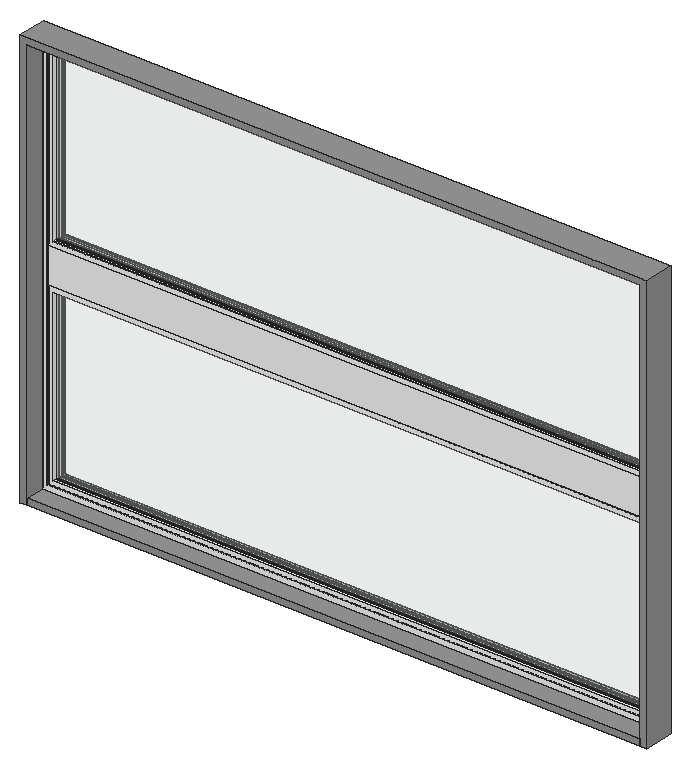
Revit family "WBW_F_1vak Hor_2vak Ver", category Windows, host Wall, Revit 2013
Parameters
  Versterking Buitenzijde = no
  Versterking Binnenzijde = yes
  VerborgenVleugelVerzwaard = no
  URL = "http://www.kawneer.com/bcs/architectuursystemen/en/about/locations.asp"
  Type Comments = "Vrij te parameteriseren Revit Model"  # constant formula
  Spouwdiepte = 130 mm
  Speling Pui_buitenblad MW Onderzijde = 10 mm
  Speling Pui_ buitenblad MW = 10 mm
  ScheduleType |RF| = "WBC_W_F"
  RT 72 = no
  RT 62 = yes
  RT 52 = no
  Operation = "IfcWindow"
  OffsetVkKozijnVkStelkozijn = 13 mm
  Nen 5096 R.c. 2 = no
  NL-SfB-Code = "31.21.22"  # constant formula
  Model = "NLSfb naam  + AlcoaArchitectuurSystemen kozijn merk"
  Manufacturer Tel. = "+31341-464631 / harold.kok@arconic.com"  # constant formula
  Manufacturer = ""
  Kleur H&S = NVT
  Kleur Buitenzijde Vleugel = Kawneer RAL 9010
  Kleur Buitenzijde = Kawneer RAL 9010
  Kleur Binnenzijde Vleugel = Kawneer RAL 9010
  Kleur Binnenzijde = Kawneer RAL 9010
  Keynote = "30.34"
  Hoogte Tussen regel 5 = 0 mm
  Hoogte Tussen regel 4 = 0 mm
  Hoogte Tussen regel 3 = 0 mm
  Hoogte Tussen regel 2 = 0 mm
  Hoogte Tussen regel 1 = 900 mm
  Height = 1800 mm
  HalveSpouw_OffsetVkKozijn_Stelkozijn = HalveSpouw + OffsetVkKozijnVkStelkozijn  # 78 mm
  HalveSpouw = Spouwdiepte / 2  # 65 mm
  GlassType = Glass, Clear Glazing, Low E
  Glasdikte (totaal) = 29 mm  # constant formula
  DikteStelkozijn_SpelingPui_BuitenbladMW = Dikte Stelkozijn - Speling Pui_ buitenblad MW  # 17 mm
  DikteStelkozijnOnderzijde_SpelingPui_BuitenbladMWOnderzijde = Dikte Stelkozijn onderzijde - Speling Pui_buitenblad MW Onderzijde  # 17 mm
  Dikte Stelkozijn onderzijde = 27 mm
  Dikte Stelkozijn = 27 mm
  Diepte Versterking Buitenzijde_30_50_85 = 30 mm
  Diepte Versterking Binnenzijde_30_55_75 = 75 mm
  Description 2 = if(RT 52, "' Standaard systeemomschrijving RT 52 standaard vlak", if(RT 62, "Standaard systeemomschrijving RT 62 standaard vlak", "Standaard systeemomschrijving RT 72 standaard vlak"))  # "Standaard systeemomschrijving RT 62 standaard vlak"
  Description = if(RT 52, "Kawneer RT 52 raamelement volgens productomschrijving:", if(RT 62, "Kawneer RT 62 raamelement volgens productomschrijving:", "Kawneer RT 72 raamelement volgens productomschrijving:"))  # "Kawneer RT 62 raamelement volgens productomschrijving:"
  Default Sill Height = 450 mm
  Wall Closure = By host
  Width = 2700 mm
  Cost = 0
  BreedteMaat_5 = 0 mm
  BreedteMaat_4 = 0 mm
  BreedteMaat_3 = 0 mm
  BreedteMaat_2 = Width * (2 / 3)  # 1800 mm
  BreedteMaat_1 = Width * (1 / 3)  # 900 mm
  Brandwerendheid_old = no
  Brandwerendheid = no
  Brandwerend volgens: = if(and(RT 52, Brandwerendheid), "Niet mogelijk binnen dit systeem_kiest u RT 62 of RT 72", if(and(RT 62, Brandwerendheid), "Nen 6069 criteria Ew30 mits uitgevoerd conform rapport 2010-Efectis-R0226[Rev.4] Brandbeoordeling EW 30", if(and(RT 72, Brandwerendheid), "Nen 6069 criteria Ew30 mits uitgevoerd concorm rapport g2013005803r001DGMR RT72 brandbeoordeling EW30", "-")))  # "-"
  Beslag Resume 05 = if(Nen 5096 R.c. 2, "Inbraakwerend volgens attest ALCOA SKG.0055.0292.07.NL (klasse 2)", "Niet inbraakwerend")  # "Niet inbraakwerend"
  Beslag Resume 04 = "Vaste beglazing"  # constant formula
  Assembly Code = "B2020110"
  Analytic Construction = "<None>"
  Aanzichtbreedte Tussen Stijlen _68_78_88_110_150_200mm = 78
  Aanzichtbreedte Tussen Regels _68_78_88_110_150_200mm = 200
  Aanzichtbreedte Kozijn Profielen_68_78_88_110_150mm = 68
  AanzichtLijnDraai = no
  Aanzicht Tussen Stijl 88mm = (Aanzichtbreedte Tussen Stijlen _68_78_88_110_150_200mm = 88)  # no
  Aanzicht Tussen Stijl 78mm = (Aanzichtbreedte Tussen Stijlen _68_78_88_110_150_200mm = 78)  # yes
  Aanzicht Tussen Stijl 68mm = (Aanzichtbreedte Tussen Stijlen _68_78_88_110_150_200mm = 68)  # no
  Aanzicht Tussen Stijl 200mm = (Aanzichtbreedte Tussen Stijlen _68_78_88_110_150_200mm = 200)  # no
  Aanzicht Tussen Stijl 150mm = (Aanzichtbreedte Tussen Stijlen _68_78_88_110_150_200mm = 150)  # no
  Aanzicht Tussen Stijl 110mm = (Aanzichtbreedte Tussen Stijlen _68_78_88_110_150_200mm = 110)  # no
  Aanzicht Tussen Stijl = ""
  Aanzicht Tussen Regel 88mm = (Aanzichtbreedte Tussen Regels _68_78_88_110_150_200mm = 88)  # no
  Aanzicht Tussen Regel 78mm = (Aanzichtbreedte Tussen Regels _68_78_88_110_150_200mm = 78)  # no
  Aanzicht Tussen Regel 68mm = (Aanzichtbreedte Tussen Regels _68_78_88_110_150_200mm = 68)  # no
  Aanzicht Tussen Regel 200mm = (Aanzichtbreedte Tussen Regels _68_78_88_110_150_200mm = 200)  # yes
  Aanzicht Tussen Regel 150mm = (Aanzichtbreedte Tussen Regels _68_78_88_110_150_200mm = 150)  # no
  Aanzicht Tussen Regel 110mm = (Aanzichtbreedte Tussen Regels _68_78_88_110_150_200mm = 110)  # no
  Aanzicht Tussen Regel = ""
  Aanzicht Kader 88mm = (Aanzichtbreedte Kozijn Profielen_68_78_88_110_150mm = 88)  # no
  Aanzicht Kader 78mm = (Aanzichtbreedte Kozijn Profielen_68_78_88_110_150mm = 78)  # no
  Aanzicht Kader 68mm = (Aanzichtbreedte Kozijn Profielen_68_78_88_110_150mm = 68)  # yes
  Aanzicht Kader 110mm = (Aanzichtbreedte Kozijn Profielen_68_78_88_110_150mm = 110)  # no
  Aanzicht Kader = ""
Reference planes
  plane 1 "Center (Front/Back)": y = 0
  plane 2 "Center (Left/Right)": x = 0
  plane 3 "Left": x = -1350
  plane 4 "Right": x = 1350
  plane 5 "Sill": z = 450
  plane 6 "Head": z = 2250
  plane 7 "Exterior": y = 100
  plane 8 "Interior": y = -100
  plane 9 "Dagkant Buitenblad metselwerk Links": x = -1360
  plane 10 "Dagkant Buitenblad metselwerk Rechts": x = 1360
  plane 11 "Dagkant Stelkozijn_Binnenblad metselwewrk Links": x = -1333
  plane 12 "Dagkant Stelkozijn_Binnenblad metselwewrk Rechts": x = 1333
  plane 13 "VK Pui": y = 78
  plane 14 "AK Buitenblad MW": y = 90
  plane 15 "VK Stelkozijn": y = 65
  plane 16 "AK Pui": y = -40
  plane 17 "VK Binnenblad MW": y = -65
  plane 18: z = 2260
  plane 19: z = 2233
  plane 20: z = 467
  plane 21: z = 440
Forms (mm)
  Sweep 1, void
    path origin (0, 100, 0) x (1, 0, 0) y (0, 0, 1)
      loop
        line (1350, 2250) -> (-1350, 2250) -> (-1350, 450) -> (1350, 450) -> (1350, 2250)
    profile origin (0, 100, 2250) x (0, 0, -1) y (0, -1, 0)
      loop
        line (-10, 0) -> (17, 0) -> (17, 165) -> (-10, 165) -> (-10, 0)
  Extrusion 2, void
    sketch origin (0, 100, 0) x (1, 0, 0) y (0, 0, 1)
      loop
        line (1333, 2233) -> (-1333, 2233) -> (-1333, 467) -> (1333, 467) -> (1333, 2233)
    from 0 to 200
  Sweep 3, solid, material "Wood"
    path origin (0, 0, 0) x (1, 0, 0) y (0, 0, 1)
      loop
        line (1349.822, 440) -> (1349.822, 2250) -> (-1350, 2250) -> (-1350, 440)
    profile origin (-0.089, 0, 2250) x (0, 0, -1) y (0, -1, 0)
      loop
        line (-10, -65) -> (17, -65) -> (17, 65) -> (-10, 65) -> (-10, -65)
  Sweep 4, solid, material "Wood"
    path origin (0, 0, 0) x (1, 0, 0) y (0, 0, 1)
      loop
        line (1332.822, 450) -> (-1333, 450)
    profile origin (-0.089, 0, 450) x (0, 0, -1) y (0, -1, 0)
      loop
        line (-17, -65) -> (10, -65) -> (10, 65) -> (-17, 65) -> (-17, -65)
Text (mm)
  text "EXTERIOR" at (-1963.203, 1332.353, 0), in view "Ref. Level"
  text "INTERIOR" at (-1981.466, -818.386, 0), in view "Ref. Level"
  text "Exterior" at (0, 923.751, 2943.296), in view "Right"
  text "Exterior" at (0, 1040.484, 2685.409), in view "Left"
Dimensions and locks
  equal spacing: plane 3 "Left", plane 2 "Center (Left/Right)", plane 4 "Right"
  "Width": plane 3 "Left" to plane 4 "Right"
  "Height": plane 5 "Sill" to plane 6 "Head"
  "Default Sill Height": plane 5 "Sill" to level
  locked: plane 7 "Exterior" to host wall at 0
  locked: plane 8 "Interior" to host wall
  "Speling Pui_ buitenblad MW": plane 9 "Dagkant Buitenblad metselwerk Links" to plane 3 "Left"
  "Speling Pui_ buitenblad MW": plane 4 "Right" to plane 10 "Dagkant Buitenblad metselwerk Rechts"
  "DikteStelkozijn_SpelingPui_BuitenbladMW": plane 3 "Left" to plane 11 "Dagkant Stelkozijn_Binnenblad metselwewrk Links"
  "DikteStelkozijn_SpelingPui_BuitenbladMW": plane 12 "Dagkant Stelkozijn_Binnenblad metselwewrk Rechts" to plane 4 "Right"
  "Speling Pui_ buitenblad MW": plane 6 "Head" to plane 18
  "Speling Pui_buitenblad MW Onderzijde": plane 5 "Sill" to plane 21
  "DikteStelkozijn_SpelingPui_BuitenbladMW": plane 19 to plane 6 "Head"
  "DikteStelkozijnOnderzijde_SpelingPui_BuitenbladMWOnderzijde": plane 5 "Sill" to plane 20
  "HalveSpouw": plane 15 "VK Stelkozijn" to plane 1 "Center (Front/Back)"
  "HalveSpouw": plane 1 "Center (Front/Back)" to plane 17 "VK Binnenblad MW"
  "HalveSpouw_OffsetVkKozijn_Stelkozijn": plane 13 "VK Pui" to plane 1 "Center (Front/Back)"
  aligned and locked: Sweep 1 sketch curve to plane 6 "Head"
  aligned and locked: Sweep 1 sketch curve to plane 4 "Right"
  aligned and locked: plane 5 "Sill" to Sweep 1 sketch curve
  aligned and locked: plane 3 "Left" to Sweep 1 sketch curve
  aligned and locked: Sweep 1 sketch curve to plane 18
  aligned and locked: plane 19 to Sweep 1 sketch curve
  aligned and locked: plane 17 "VK Binnenblad MW" to Sweep 1 sketch curve
  aligned and locked: Extrusion 2 sketch curve to Sweep 1  (x4)
  aligned and locked: host wall to Extrusion 2
  aligned and locked: Sweep 3 sketch curve to plane 6 "Head"
  aligned and locked: Sweep 3 sketch curve to plane 18
  aligned and locked: Sweep 3 sketch curve to plane 15 "VK Stelkozijn"
  aligned and locked: plane 19 to Sweep 3 sketch curve
  aligned and locked: plane 17 "VK Binnenblad MW" to Sweep 3 sketch curve
  aligned and locked: plane 21 to Sweep 3 sketch curve
  aligned and locked: plane 3 "Left" to Sweep 3 sketch curve
  aligned and locked: Sweep 4 sketch curve to plane 20
  aligned and locked: Sweep 4 sketch curve to plane 15 "VK Stelkozijn"
  aligned and locked: Sweep 4 sketch curve to Sweep 3  (x2)
  aligned and locked: nested 1 to plane 13 "VK Pui"
  aligned and locked: plane 6 "Head" to nested 1
  aligned and locked: plane 4 "Right" to nested 1
Automatic sketch dimensions
  Sweep 1 sketch curve to plane 7 "Exterior" = 0 mm
  Sweep 3 sketch curve to plane 21 = 0 mm
  plane 4 "Right" to Sweep 3 sketch curve = 0.178 mm
  Sweep 4 sketch curve to plane 5 "Sill" = 0 mm
  plane 11 "Dagkant Stelkozijn_Binnenblad metselwewrk Links" to Sweep 4 sketch curve = 0 mm
  plane 12 "Dagkant Stelkozijn_Binnenblad metselwewrk Rechts" to Sweep 4 sketch curve = 0.178 mm
Nested families
  nested 1: "GMW_F_1vak Hor_2vak Ver" at (-1350, 78, 1350), type "GMW_F_1vak Hor_2vak Ver"
    with HLPM 2145 mm
Definition of nested family "GMW_F_1vak Hor_2vak Ver"
  Parameters (values of type "GMW_F_1vak Hor_2vak Ver")
    Width = 2700 mm
    Versterking Buitenzijde = no
    Versterking Binnenzijde = yes
    VerborgenWaterAfvoer = no
    SysteemDiepteVleugel = SysteemDiepte + 7.8 mm  # 70 mm
    SysteemDiepte = if(RT 52, 52.2 mm, if(RT 62, 62.2 mm, 72.2 mm))  # 62.2 mm
    SweepOffset = (BodyHeight + 44 mm) / 2  # 34 mm
    ScharnierenAan_Uit = yes
    RT 72 = no
    RT 62 = yes
    RT 52 = no
    P3vleugel = SysteemDiepteVleugel - 32 mm  # 38 mm
    P3 = SysteemDiepte - 20.7 mm  # 41.5 mm
    Kleur H&S = NVT
    Kleur Buitenzijde Vleugel = Kawneer RAL 9010
    Kleur Buitenzijde = Kawneer RAL 9010
    Kleur Binnenzijde Vleugel = Kawneer RAL 9010
    Kleur Binnenzijde = Kawneer RAL 9010
    IsoPositionerVent = if(Aanzicht Vleugel 35mm, 42.7 mm, if(Aanzicht Vleugel 45mm, 52.7 mm, 73.7 mm))  # 52.7 mm
    IsoPositionerTProfile = if(Aanzicht Kader 68mm, 41 mm, if(Aanzicht Kader 78mm, 51 mm, if(Aanzicht Kader 88mm, 61 mm, 83 mm)))  # 41 mm
    Hoogte tussen regel = 0 mm
    Hoogte Tussen regel 5 = 0 mm
    Hoogte Tussen regel 4 = 0 mm
    Hoogte Tussen regel 3 = 0 mm
    Hoogte Tussen regel 2 = 0 mm
    Hoogte Tussen regel 1 = 900 mm
    Height = 1800 mm
    Handgreep SI_line = no
    Handgreep A_line = no
    HLPM [instance] = 2145 mm
    Glassponning 2 = BodyHeight / 2  # 12 mm
    Glassponning 1 = BodyHeight / 2  # 12 mm
    GlassType = Glass, Clear Glazing, Low E
    Glasdikte (totaal) = 29 mm
    Diepte Versterking Buitenzijde_30_50_85 = 30 mm
    Diepte Versterking Binnenzijde_30_55_75 = 75 mm
    BreedteMaat_5 = 0 mm
    BreedteMaat_4 = 0 mm
    BreedteMaat_3 = 0 mm
    BreedteMaat_2 = 1800 mm
    BreedteMaat_1 = 900 mm
    BodyHeightVent = if(Aanzicht Vleugel 35mm, 15.7 mm, if(Aanzicht Vleugel 45mm, 25.7 mm, 46.7 mm))  # 25.7 mm
    BodyHeight = if(Aanzicht Kader 68mm, 24 mm, if(Aanzicht Kader 78mm, 34 mm, if(Aanzicht Kader 88mm, 44 mm, 66 mm)))  # 24 mm
    Beslag Nen 5096 R.c. 3 = no
    Beslag Nen 5096 R.c. 2 = no
    AanzichtlLijnVal = no
    AanzichtLijnDraai = no
    Aanzicht Vleugel 66mm = no
    Aanzicht Vleugel 45mm = yes
    Aanzicht Vleugel 35mm = no
    Aanzicht Vleugel = ""
    Aanzicht Tussen Stijl 88mm = no
    Aanzicht Tussen Stijl 78mm = yes
    Aanzicht Tussen Stijl 68mm = no
    Aanzicht Tussen Stijl 200mm = no
    Aanzicht Tussen Stijl 150mm = no
    Aanzicht Tussen Stijl 110mm = no
    Aanzicht Tussen Stijl = ""
    Aanzicht Tussen Regel 88mm = no
    Aanzicht Tussen Regel 78mm = no
    Aanzicht Tussen Regel 68mm = no
    Aanzicht Tussen Regel 200mm = yes
    Aanzicht Tussen Regel 150mm = no
    Aanzicht Tussen Regel 110mm = no
    Aanzicht Tussen Regel = ""
    Aanzicht Kader 88mm = no
    Aanzicht Kader 78mm = no
    Aanzicht Kader 68mm = yes
    Aanzicht Kader 110mm = no
    Aanzicht Kader = ""
  Reference planes
    plane 1 "Center (Front/Back)": y = 0
    plane 2: z = 0
    plane 3 "Center (Left/Right)": x = 0
    plane 4 "LP Top": z = 900
    plane 5 "LP Left": x = 0
    plane 6 "LP Right": x = 2700
    plane 7: y = 7.6
    plane 8: y = 36.6
    plane 9: y = 62.2
    plane 10: z = -900
    plane 11 "LP Bottom": z = -900
    plane 12: z = 0
    plane 13: x = 740
  Dimensions and locks
    plane 1 "Center (Front/Back)" to plane 7 = 7.6 mm
    plane 7 to plane 8 = 29 mm
    "SysteemDiepte": plane 1 "Center (Front/Back)" to plane 9
    "Height": plane 4 "LP Top" to plane 11 "LP Bottom"
    "Width": plane 5 "LP Left" to plane 6 "LP Right"
    "Hoogte Tussen regel 1": plane 12 to plane 11 "LP Bottom"
    aligned and locked: level to plane 2
    aligned and locked: plane 4 "LP Top" to nested 1
    aligned and locked: plane 11 "LP Bottom" to nested 1
    aligned and locked: plane 5 "LP Left" to nested 1
    aligned and locked: plane 6 "LP Right" to nested 1
    aligned and locked: nested 1 to nested 2  (x2)
    aligned and locked: nested 1 to nested 3  (x3)
    aligned and locked: nested 3 to nested 2
    aligned and locked: plane 1 "Center (Front/Back)" to nested 4
    aligned and locked: nested 2 to nested 4
    aligned and locked: nested 1 to nested 4  (x3)
    aligned and locked: plane 11 "LP Bottom" to plane 10
    aligned and locked: plane 5 "LP Left" to plane 3 "Center (Left/Right)"
    aligned and locked: nested 2 to plane 12
  Nested families
    nested 1: "KADER" at (1350, 0, -900), type "KADER"
      with HLPM 1800 mm, BLMP 2700 mm, SysteemDiepte 62.2 mm, RT 72 no, RT 62 yes, P3 41.5 mm
    nested 2: "RT 72H T profiel REINF" at (1046, 0, 0), type "T"
      with FPL 2608 mm
    nested 3: "Glasvast" at (1350, 0, -476.63), type "Glasvast"
      with Grip#2 2608 mm, Grip#1 776 mm
    nested 4: "Glasvast" at (1350, 0, 455.37), type "Glasvast"
      with Grip#2 2608 mm, Grip#1 776 mm
  Definition of nested family "KADER"
    Parameters (values of type "KADER")
      VerborgenWaterAfvoer = yes
      SysteemDiepte = 72.2 mm
      SweepOffset = 34 mm
      RT 72 = yes
      RT 62 = no
      RT 52 = no
      P3 = 51.5 mm
      Kleur Buitenzijde = none
      Kleur Binnenzijde = none
      IsoPositionerTProfile = 41 mm
      HLPM [instance] = 1800 mm
      Glassponning 2 = 12 mm
      Glassponning 1 = 12 mm
      BodyHeight = 24 mm
      BLMP [instance] = 1200 mm
      Aanzicht Kader 88mm = no
      Aanzicht Kader 78mm = no
      Aanzicht Kader 68mm = yes
      Aanzicht Kader 110mm = no
    Reference planes
      plane 1 "Center (Front/Back)": y = 0
      plane 2: z = 0
      plane 3 "Center (Left/Right)": x = 0
      plane 4 "LP Top": z = 1800
      plane 5: z = 1778
      plane 6: z = 1754
      plane 7: z = 22
      plane 8: z = 46
      plane 9: x = -566
      plane 10: x = -578
      plane 11 "LP Left": x = -600
      plane 12: x = 554
      plane 13: x = 578
      plane 14 "LP Right": x = 600
      plane 15: x = -554
      plane 16: z = 34
      plane 17: z = 1766
      plane 18: x = 566
      plane 19: z = 0
      plane 20 "BinnenzijdeKozijn": y = 72.2
    Forms (mm)
      Sweep 1, solid, material <- "Kleur Buitenzijde"
        path origin (0, 0, 0) x (1, 0, 0) y (0, 0, 1)
          loop
            line (566, 34) -> (566, 1766) -> (-566, 1766) -> (-566, 34) -> (566, 34)
        profile "T VWA buitenschaal : RT NL" origin (0, 0, 34) x (0, 0, -1) y (0, -1, 0)
          loop
            line (34, 0) -> (-34, 0) -> (-34, -4) -> (-31.5, -4) -> (-31.5, -3) -> (-32.8, -3) -> (-32.8, -1.4) -> (-27.2, -1.4) -> (-27.2, -3) -> (-28.5, -3) -> (-28.5, -4) -> (-24.5, -4) -> (-24.5, -3.2) -> (-26, -3.2) -> (-26, -1.6) -> (-23, -1.6) -> (-7, -1.806) -> (-7, -16.3) -> (-10.5, -16.3) -> (-10.5, -14.7) -> (-11.5, -14.7) -> (-11.5, -19.2) -> (-10.5, -19.2) -> (-10.5, -17.8) -> (-7, -17.8) -> (-7, -21.9) -> (-5.1, -20.7) -> (5.1, -20.7) -> (7, -21.9) -> (7, -17.8) -> (10.5, -17.8) -> (10.5, -19.2) -> (11.5, -19.2) -> (11.5, -14.7) -> (10.5, -14.7) -> (10.5, -16.3) -> (7, -16.3) -> (7, -10.2) -> (28.563, -10.2) -> (28.563, -9.2) -> (27.263, -9.2) -> (27.263, -7.6) -> (32.863, -7.6) -> (32.863, -9.2) -> (31.563, -9.2) -> (31.563, -10.2) -> (34, -10.2) -> (34, 0)
      Sweep 2, solid
        path origin (0, 0, 0) x (1, 0, 0) y (0, 0, 1)
          loop
            line (566, 34) -> (566, 1766) -> (-566, 1766) -> (-566, 34) -> (566, 34)
        profile "T-profiel Iso : RT NL" origin (0, 0, 34) x (0, 0, -1) y (0, -1, 0)
          loop
            line (4.886, -50.521) -> (6.95, -49.33) -> (6.95, -27.2) -> (11.45, -27.2) -> (11.45, -24.6) -> (10.45, -24.6) -> (10.45, -26) -> (6.95, -26) -> (6.95, -22.836) -> (4.886, -21.644) -> (4.886, -20.7) -> (-4.886, -20.7) -> (-4.886, -21.644) -> (-6.95, -22.836) -> (-6.95, -26) -> (-10.45, -26) -> (-10.45, -24.6) -> (-11.45, -24.6) -> (-11.45, -27.2) -> (-6.95, -27.2) -> (-6.95, -49.33) -> (-4.886, -50.521) -> (-4.886, -51.5) -> (4.886, -51.5) -> (4.886, -50.521)
      Sweep 3, solid, material <- "Kleur Binnenzijde"
        path origin (0, 0, 0) x (1, 0, 0) y (0, 0, 1)
          loop
            line (566, 34) -> (566, 1766) -> (-566, 1766) -> (-566, 34) -> (566, 34)
        profile "T binnenschaal : RT NL" origin (0, 0, 34) x (0, 0, -1) y (0, -1, 0)
          loop
            line (12.003, -72.2) -> (12.003, -68) -> (10.503, -68) -> (10.503, -70.4) -> (7, -70.4) -> (7, -55.7) -> (10.503, -55.7) -> (10.503, -57.78) -> (11.803, -57.78) -> (11.803, -52.4) -> (10.503, -52.4) -> (10.503, -54) -> (7, -54) -> (7, -50.3) -> (5.1, -51.5) -> (-5.1, -51.5) -> (-7.062, -50.279) -> (-7.062, -54) -> (-10.497, -54) -> (-10.497, -52.4) -> (-11.797, -52.4) -> (-11.797, -57.8) -> (-10.497, -57.8) -> (-10.497, -55.7) -> (-7, -55.7) -> (-7, -70.4) -> (-10.497, -70.4) -> (-10.497, -68) -> (-11.997, -68) -> (-11.997, -72.2) -> (12.003, -72.2)
      Sweep 4, solid
        path origin (0, 0, 0) x (1, 0, 0) y (0, 0, 1)
          loop
            line (-600, 0) -> (600, 0) -> (600, 1800) -> (-600, 1800) -> (-600, 0)
        profile origin (-600, 0, 900) x (-1, 0, 0) y (0, -1, 0)
          loop
            line (-0.372, -10.397) -> (-2.491, -10.397) -> (-2.491, -9.06) -> (-1.662, -9.06) -> (-1.662, -7.996) -> (-6.3, -7.996) -> (-6.3, -9.06) -> (-5.389, -9.06) -> (-5.389, -10.397) -> (-8.271, -10.397) -> (-8.271, -12.283) -> (-6.728, -13.197) -> (-0.922, -13.197) -> (0.092, -12.184) -> (0.092, -11.075) -> (-0.372, -10.397)
    Lines and regions (mm)
      model lines
        curve 1: line (532, 0, 68) -> (600.092, 0, -0.092)
        curve 2: line (-532, 0, 68) -> (-600.092, 0, -0.092)
        curve 3: line (-600.092, 0, 1800.092) -> (-532, 0, 1732)
        curve 4: line (600, 0, 1800) -> (532, 0, 1732)
        curve 5: line (554.003, 72.2, 45.997) -> (578.003, 72.2, 21.997)
        curve 6: line (-554.003, 72.2, 45.997) -> (-578.003, 72.2, 21.997)
        curve 7: line (-554.003, 72.2, 1754.003) -> (-578.003, 72.2, 1778.003)
        curve 8: line (554.003, 72.2, 1754.003) -> (578.003, 72.2, 1778.003)
    Dimensions and locks
      equal spacing: plane 11 "LP Left", plane 3 "Center (Left/Right)", plane 14 "LP Right"
      "BLMP": plane 11 "LP Left" to plane 14 "LP Right"
      "SweepOffset": plane 4 "LP Top" to plane 17
      "SweepOffset": plane 16 to level
      "SweepOffset": plane 18 to plane 14 "LP Right"
      "SweepOffset": plane 11 "LP Left" to plane 9
      "Glassponning 1": plane 9 to plane 10
      "Glassponning 2": plane 15 to plane 9
      "Glassponning 1": plane 16 to plane 7
      "Glassponning 2": plane 8 to plane 16
      "Glassponning 2": plane 18 to plane 12
      "Glassponning 1": plane 13 to plane 18
      "Glassponning 1": plane 5 to plane 17
      "Glassponning 2": plane 17 to plane 6
      "HLPM": plane 4 "LP Top" to plane 19
      "SysteemDiepte": plane 1 "Center (Front/Back)" to plane 20 "BinnenzijdeKozijn"
      aligned and locked: level to plane 2
      aligned and locked: nested 2 to plane 1 "Center (Front/Back)"
      aligned and locked: plane 1 "Center (Front/Back)" to nested 1
      aligned and locked: nested 1 to plane 11 "LP Left"
      aligned and locked: nested 3 to plane 1 "Center (Front/Back)"
      aligned and locked: nested 3 to level
      aligned and locked: plane 1 "Center (Front/Back)" to nested 4
      aligned and locked: nested 4 to plane 4 "LP Top"
      aligned and locked: level to plane 19
      aligned and locked: curve 5 to Sweep 3
      aligned and locked: Sweep 3 to curve 5
      aligned and locked: Sweep 3 to curve 8
      aligned and locked: nested 2 to plane 14 "LP Right"
    Automatic sketch dimensions
      Sweep 1 sketch curve to plane 9 = 0 mm
      Sweep 1 sketch curve to plane 16 = 0 mm
      Sweep 1 sketch curve to plane 18 = 0 mm
      Sweep 1 sketch curve to plane 17 = 0 mm
      Sweep 2 sketch curve to plane 9 = 0 mm
      Sweep 2 sketch curve to plane 16 = 0 mm
      Sweep 2 sketch curve to plane 18 = 0 mm
      Sweep 2 sketch curve to plane 17 = 0 mm
      Sweep 3 sketch curve to plane 9 = 0 mm
      Sweep 3 sketch curve to plane 17 = 0 mm
      Sweep 3 sketch curve to plane 18 = 0 mm
      Sweep 3 sketch curve to plane 16 = 0 mm
      Sweep 4 sketch curve to plane 4 "LP Top" = 0 mm
      plane 14 "LP Right" to Sweep 4 sketch curve = 0 mm
      plane 11 "LP Left" to Sweep 4 sketch curve = 0 mm
      Sweep 4 sketch curve to level = 0 mm
      profile plane to Sweep 4 sketch curve = 8.271 mm
      Sweep 4 sketch curve to plane 1 "Center (Front/Back)" = 13.197 mm
      Sweep 4 sketch curve to Sweep 4 sketch curve = 1.543 mm
      Sweep 4 sketch curve to Sweep 4 sketch curve = 1.971 mm
      Sweep 4 sketch curve to Sweep 4 sketch curve = 0.91 mm
      profile plane to Sweep 4 sketch curve = 2.491 mm
      Sweep 4 sketch curve to Sweep 4 sketch curve = 0.829 mm
      profile plane to Sweep 4 sketch curve = 0.922 mm
      Sweep 4 sketch curve to profile plane = 0.092 mm
      profile plane to Sweep 4 sketch curve = 0.372 mm
      Sweep 4 sketch curve to Sweep 4 sketch curve = 0.914 mm
      Sweep 4 sketch curve to Sweep 4 sketch curve = 1.013 mm
      Sweep 4 sketch curve to Sweep 4 sketch curve = 1.886 mm
      Sweep 4 sketch curve to Sweep 4 sketch curve = 0 mm
      Sweep 4 sketch curve to Sweep 4 sketch curve = 1.338 mm  (x2)
      Sweep 4 sketch curve to Sweep 4 sketch curve = 1.063 mm
      Sweep 4 sketch curve to Sweep 4 sketch curve = 0.677 mm
      curve 4 to plane 4 "LP Top" = 0 mm
      curve 4 to plane 14 "LP Right" = 0 mm
      plane 12 to curve 1 = 22 mm
      plane 12 to curve 4 = 22 mm
      curve 3 to plane 15 = 22 mm
      curve 2 to plane 15 = 22 mm
      plane 11 "LP Left" to curve 2 = 0.092 mm
      plane 11 "LP Left" to curve 3 = 0.092 mm
      curve 1 to plane 14 "LP Right" = 0.092 mm
      curve 4 to plane 6 = 22 mm
      curve 3 to plane 6 = 22 mm
      plane 8 to curve 1 = 22 mm
      plane 8 to curve 2 = 22 mm
      curve 2 to level = 0.092 mm
      curve 1 to level = 0.092 mm
      plane 4 "LP Top" to curve 3 = 0.092 mm
      plane 5 to curve 8 = 0.003 mm
      plane 5 to curve 7 = 0.003 mm
      plane 6 to curve 8 = 0.003 mm
      plane 6 to curve 7 = 0.003 mm
      curve 6 to plane 8 = 0.003 mm
      curve 5 to plane 8 = 0.003 mm
      curve 6 to plane 7 = 0.003 mm
      curve 5 to plane 7 = 0.003 mm
      curve 8 to plane 12 = 0.003 mm
      plane 15 to curve 7 = 0.003 mm
      plane 15 to curve 6 = 0.003 mm
      curve 7 to plane 10 = 0.003 mm
      curve 6 to plane 10 = 0.003 mm
    Nested families
      nested 1: "T VWA" at (-600, 0, 0), type "T VWA"
        with IsoPositionerTProfile 41 mm, Aanzicht 68mm yes, Aanzicht 110mm no
      nested 2: "T VWA" at (600, 0, 0) x (-1, 0, 0) z (0, 0, 1), type "T VWA"
        with IsoPositionerTProfile 41 mm, Aanzicht 68mm yes, Aanzicht 110mm no
      nested 3: "T VWA" at (0, 0, 0) x (0, 0, 1) z (1, 0, 0), type "T VWA"
        with IsoPositionerTProfile 41 mm, Aanzicht 68mm yes, Aanzicht 110mm no
      nested 4: "T VWA" at (0, 0, 1800) x (0, 0, -1) z (1, 0, 0), type "T VWA"
        with IsoPositionerTProfile 41 mm, Aanzicht 68mm yes, Aanzicht 110mm no
    Definition of nested family "T VWA"
      Parameters (values of type "test T")
        SysteemDiepte = 72.2 mm
        RT 72 = yes
        RT 62 = no
        RT 52 = no
        IsoPositionerTProfile = if(Aanzicht 68mm, 41 mm, if(Aanzicht 78mm, 51 mm, if(Aanzicht 88mm, 61 mm, 83 mm)))  # 83 mm
        Aanzicht 88mm = no
        Aanzicht 78mm = no
        Aanzicht 68mm = no
        Aanzicht 110mm = yes
      Reference planes
        plane 1 "Center (Front/Back)": y = 0
        plane 2: z = 0
        plane 3 "Center (Left/Right)": x = 0
        plane 4: x = 33.893
        plane 5: x = 83
        plane 6: y = 28.95
        plane 7: y = 41.565
        plane 8: y = 72.2
      Lines and regions (mm)
        model lines, style "Medium Lines", in view "Ref. Level", detail levels medium
          curve 1: line (0, 0, 0) -> (115.4, 0, 0)
          curve 2: line (27.05, 49.442, 0) -> (27.05, 22.903, 0)
      Dimensions and locks
        "SysteemDiepte": plane 8 to plane 1 "Center (Front/Back)"
        "IsoPositionerTProfile": plane 3 "Center (Left/Right)" to plane 5
        aligned and locked: import instance to plane 8  (x2)
        aligned and locked: plane 8 to import instance  (x2)
        aligned and locked: plane 5 to import instance  (x2)
        aligned and locked: import instance to plane 5
        aligned and locked: curve 2 to import instance
        aligned and locked: import instance to import instance  (x3)
      Automatic sketch dimensions
        curve 1 to plane 3 "Center (Left/Right)" = 0 mm
        plane 1 "Center (Front/Back)" to curve 1 = 0 mm
        plane 5 to curve 1 = 32.4 mm
        curve 2 to plane 6 = 6.047 mm
        plane 7 to curve 2 = 7.878 mm
  Definition of nested family "RT 72H T profiel REINF"
    Parameters (values of type "T")
      voidref1 = (BodyHeight + 44 mm) / 2  # 100 mm
      Voidpar#1 = BodyHeight + 44 mm  # 200 mm
      Versterking Buitenzijde = no
      Versterking Binnenzijde = yes
      URL = "http://www.kawneer.com/bcs/architectuursystemen/en/about/locations.asp"
      Type Comments = "ALCOA"
      SysteemDiepte = 62.2 mm
      ReinforcementInteriorLength = KaderLink  # 24 mm
      ReinforcementInterior = and(Aanzicht Tussen Stijl 78mm, Versterking Binnenzijde)  # no
      ReinforcementExteriorLenght = KaderLink + 22 mm  # 46 mm
      ReinforcementExterior = and(Aanzicht Tussen Stijl 78mm, Versterking Buitenzijde)  # no
      RT 72 = no
      RT 62 = yes
      RT 52 = no
      P3 = 41.5 mm
      Model = "T-profiel ALCOA RT-series"
      Manufacturer = "ALCOA ArchitectuurSystemen"
      Kleur buitenschaal = Kawneer RAL 9010
      Kleur binnenschaal = Kawneer RAL 9010
      KaderLink = 24 mm
      Glassponning 2 = BodyHeight / 2  # 78 mm
      Glassponning 1 = BodyHeight / 2  # 78 mm
      FPL [instance] = 2000 mm
      Diepte Versterking Buitenzijde_30_50_85 = 30 mm
      Diepte Versterking Binnenzijde_30_55_75 = 75 mm
      Default Elevation = 1219.2 mm
      BodyHeight = if(Aanzicht Tussen Stijl 68mm, 24 mm, if(Aanzicht Tussen Stijl 78mm, 34 mm, if(Aanzicht Tussen Stijl 88mm, 44 mm, if(Aanzicht Tussen Stijl 110mm, 66 mm, if(Aanzicht Tussen Stijl 150mm, 106 mm, 156 mm)))))  # 156 mm
      Aanzicht Tussen Stijl 88mm = no
      Aanzicht Tussen Stijl 78mm = no
      Aanzicht Tussen Stijl 68mm = no
      Aanzicht Tussen Stijl 200mm = yes
      Aanzicht Tussen Stijl 150mm = no
      Aanzicht Tussen Stijl 110mm = no
    Reference planes
      plane 1 "Center (Front/Back)": y = 0
      plane 2: z = 0
      plane 3 "Center (Left/Right)": z = 0
      plane 4 "Left edge": z = 0
      plane 5 "Right edge": z = 0
      plane 6 "TOP": x = -1000
      plane 7 "Bottom": x = 1000
      plane 8 "Glassponning 1": z = -78
      plane 9 "Glassponning 2": z = 78
      plane 10: x = -1046
      plane 11: x = 1046
      plane 12: x = -1024
      plane 13: x = 1024
    Forms (mm)
      Sweep 1, solid
        path origin (58.778, 0, 0) x (-1, 0, 0) y (0, 0, -1)
          loop
            line (-941.222, 0) -> (1058.778, 0)
        profile "T-profiel Iso : RT NL" origin (0, 0, 0) x (0, 0, -1) y (0, -1, 0)
          loop
            line (-70.886, -40.521) -> (-70.886, -41.5) -> (70.886, -41.5) -> (70.886, -40.521) -> (72.95, -39.33) -> (72.95, -27.2) -> (77.45, -27.2) -> (77.45, -24.6) -> (76.45, -24.6) -> (76.45, -26) -> (72.95, -26) -> (72.95, -22.836) -> (70.886, -21.644) -> (70.886, -20.7) -> (-70.886, -20.7) -> (-70.886, -21.644) -> (-72.95, -22.836) -> (-72.95, -26) -> (-76.45, -26) -> (-76.45, -24.6) -> (-77.45, -24.6) -> (-77.45, -27.2) -> (-72.95, -27.2) -> (-72.95, -39.33) -> (-70.886, -40.521)
      Sweep 2, solid, material "Kawneer RAL 9010" <- "Kleur buitenschaal"
        path origin (58.778, 0, 0) x (-1, 0, 0) y (0, 0, -1)
          loop
            line (-941.222, 0) -> (1058.778, 0)
        profile "T buitenschaal : RT NL" origin (0, 0, 0) x (0, 0, -1) y (0, -1, 0)
          loop
            line (-100, 0) -> (-100, -4) -> (-97.5, -4) -> (-97.5, -3) -> (-98.8, -3) -> (-98.8, -1.4) -> (-93.2, -1.4) -> (-93.2, -3) -> (-94.5, -3) -> (-94.5, -4) -> (-90.5, -4) -> (-90.5, -3.2) -> (-92, -3.2) -> (-92, -1.6) -> (-89, -1.6) -> (-73, -1.806) -> (-73, -16.3) -> (-76.5, -16.3) -> (-76.5, -14.7) -> (-77.5, -14.7) -> (-77.5, -19.2) -> (-76.5, -19.2) -> (-76.5, -17.8) -> (-73, -17.8) -> (-73, -21.886) -> (-70.886, -20.666) -> (70.886, -20.666) -> (73, -21.886) -> (73, -17.8) -> (76.5, -17.8) -> (76.5, -19.2) -> (77.5, -19.2) -> (77.5, -14.7) -> (76.5, -14.7) -> (76.5, -16.3) -> (73, -16.3) -> (73, -1.806) -> (89, -1.6) -> (92, -1.6) -> (92, -3.2) -> (90.5, -3.2) -> (90.5, -4) -> (94.5, -4) -> (94.5, -3) -> (93.2, -3) -> (93.2, -1.4) -> (98.8, -1.4) -> (98.8, -3) -> (97.5, -3) -> (97.5, -4) -> (100, -4) -> (100, 0) -> (-100, 0)
      Sweep 3, solid, material "Kawneer RAL 9010" <- "Kleur binnenschaal"
        path origin (58.778, 0, 0) x (-1, 0, 0) y (0, 0, -1)
          loop
            line (-941.222, 0) -> (1058.778, 0)
        profile "T binnenschaal : RT NL" origin (0, 0, 0) x (0, 0, -1) y (0, -1, 0)
          loop
            line (-78.003, -62.2) -> (77.997, -62.2) -> (77.997, -58) -> (76.497, -58) -> (76.497, -60.4) -> (73, -60.4) -> (73, -45.7) -> (76.497, -45.7) -> (76.497, -47.8) -> (77.797, -47.8) -> (77.797, -42.4) -> (76.497, -42.4) -> (76.497, -44) -> (73.062, -44) -> (73.062, -40.279) -> (71.1, -41.5) -> (-71.1, -41.5) -> (-73, -40.3) -> (-73, -44) -> (-76.503, -44) -> (-76.503, -42.4) -> (-77.803, -42.4) -> (-77.803, -47.78) -> (-76.503, -47.78) -> (-76.503, -45.7) -> (-73, -45.7) -> (-73, -60.4) -> (-76.503, -60.4) -> (-76.503, -58) -> (-78.003, -58) -> (-78.003, -62.2)
      Extrusion 4, void
        sketch origin (13.516, 0, 0) x (0, 1, 0) y (-1, 0, 0)
          loop
            line (0, 1013.516) -> (0, 991.516) -> (4, 991.516) -> (4, 1013.516) -> (0, 1013.516)
        from 100 to -100
      Extrusion 5, void
        sketch origin (13.516, 0, 0) x (0, 1, 0) y (-1, 0, 0)
          loop
            line (0, -986.484) -> (4, -986.484) -> (4, -964.484) -> (0, -964.484) -> (0, -986.484)
        from 100 to -100
      Sweep 6, solid, material "Kawneer RAL 9010" <- "Kleur buitenschaal", visible <- "ReinforcementExterior"
        path origin (0, 0, 0) x (0, 0, 1) y (-1, 0, 0)
          loop
            line (0, 1046) -> (0, -1046)
        profile origin (0, 0, 0) x (0, 0, 1) y (0, -1, 0)
          loop
            line (-19, 0) -> (19, 0) -> (19, 30) -> (-19, 30) -> (-19, 0)
      Sweep 7, solid, material "Kawneer RAL 9010" <- "Kleur binnenschaal", visible <- "ReinforcementInterior"
        path origin (0, 0, 0) x (0, 0, 1) y (-1, 0, 0)
          loop
            line (0, 1024) -> (0, -1024)
        profile origin (0, 0, 0) x (0, 0, 1) y (0, -1, 0)
          loop
            line (-7, -62.2) -> (-7, -137.2) -> (7, -137.2) -> (7, -62.2) -> (-7, -62.2)
    Cuts and joins
      Extrusion 4, Extrusion 5 cuts Sweep 2
    Text (mm)
      text "Left edge" at (-1120.566, 0, -175.589), in view "Front"
      text "Right edge" at (-1120.566, 0, 112.009), in view "Front"
    Dimensions and locks
      "FPL": plane 6 "TOP" to plane 7 "Bottom"
      plane 6 "TOP" to plane 7 "Bottom" = 2000 mm
      "Glassponning 1": plane 8 "Glassponning 1" to plane 3 "Center (Left/Right)"
      "Glassponning 2": plane 9 "Glassponning 2" to plane 3 "Center (Left/Right)"
      "ReinforcementExteriorLenght": plane 10 to plane 6 "TOP"
      "ReinforcementExteriorLenght": plane 7 "Bottom" to plane 11
      Sweep 6 sketch curve to Sweep 6 sketch curve = 38 mm
      "Diepte Versterking Buitenzijde_30_50_85": Sweep 6 sketch curve to Sweep 6 sketch curve
      "ReinforcementInteriorLength": plane 7 "Bottom" to plane 13
      "ReinforcementInteriorLength": plane 12 to plane 6 "TOP"
      "Diepte Versterking Binnenzijde_30_55_75": Sweep 7 sketch curve to Sweep 3
      aligned and locked: level to plane 2
      aligned and locked: Sweep 1 to plane 7 "Bottom"
      aligned and locked: cut or joined group of Sweep 2, Extrusion 4, Extrusion 5 to plane 7 "Bottom"
      aligned and locked: Sweep 3 to plane 7 "Bottom"
      aligned and locked: plane 6 "TOP" to Sweep 3 sketch curve
      aligned and locked: Sweep 3 to Sweep 2 sketch curve
      aligned and locked: Sweep 1 sketch curve to cut or joined group of Sweep 2, Extrusion 4, Extrusion 5
      aligned and locked: plane 6 "TOP" to Extrusion 4 sketch curve
      aligned and locked: plane 13 to Sweep 7 sketch curve
      aligned and locked: Sweep 7 sketch curve to plane 3 "Center (Left/Right)"
      aligned and locked: Sweep 7 sketch curve to Sweep 3
    Automatic sketch dimensions
      Sweep 1 sketch curve to level = 0 mm
      plane 7 "Bottom" to Sweep 1 sketch curve = 0 mm
      Sweep 2 sketch curve to level = 0 mm
      plane 7 "Bottom" to Sweep 2 sketch curve = 0 mm
      Sweep 3 sketch curve to level = 0 mm
      plane 7 "Bottom" to Sweep 3 sketch curve = 0 mm
      plane 1 "Center (Front/Back)" to Extrusion 4 sketch curve = 0 mm
      Extrusion 4 sketch curve to plane 6 "TOP" = 22 mm
      Extrusion 4 sketch curve to Extrusion 4 sketch curve = 4 mm
      plane 1 "Center (Front/Back)" to Extrusion 5 sketch curve = 0 mm
      Extrusion 5 sketch curve to plane 7 "Bottom" = 0 mm
      Extrusion 5 sketch curve to plane 1 "Center (Front/Back)" = 4 mm
      plane 7 "Bottom" to Extrusion 5 sketch curve = 22 mm
      Sweep 6 sketch curve to level = 0 mm
      plane 11 to Sweep 6 sketch curve = 0 mm
      plane 10 to Sweep 6 sketch curve = 0 mm
      plane 12 to Sweep 7 sketch curve = 0 mm
      Sweep 6 sketch curve to plane 1 "Center (Front/Back)" = 0 mm
      profile plane to Sweep 6 sketch curve = 19 mm
      profile plane to Sweep 7 sketch curve = 7 mm
      Sweep 7 sketch curve to profile plane = 7 mm
    Nested families
      nested 1: "DI_RT_TussenStijl" at (-1000, 0, 0) x (0, 0, 1) z (-1, 0, 0), type "DI_RT_TussenStijl"
        with VersterkingInterior_30 no, VersterkingExterior_30 no, Versterking Buitenzijde no, Diepte Versterking Binnenzijde_30_55_75 75 mm, Aanzicht Tussen Stijl 78mm no, Aanzicht Tussen Stijl 200mm yes
    Definition of nested family "DI_RT_TussenStijl"
      Parameters (values of type "DI_RT_TussenStijl")
        VersterkingInterior_75 = and(Aanzicht Tussen Stijl 78mm, Versterking Binnenzijde, Diepte Versterking Binnenzijde_30_55_75 = 75 mm)  # no
        VersterkingInterior_55 = and(Aanzicht Tussen Stijl 78mm, Versterking Binnenzijde, Diepte Versterking Binnenzijde_30_55_75 = 55 mm)  # no
        VersterkingInterior_30 = and(Aanzicht Tussen Stijl 78mm, Versterking Binnenzijde, Diepte Versterking Binnenzijde_30_55_75 = 30 mm)  # yes
        VersterkingExterior_85 = and(Aanzicht Tussen Stijl 78mm, Versterking Buitenzijde, Diepte Versterking Buitenzijde_30_50_85 = 85 mm)  # no
        VersterkingExterior_50 = and(Aanzicht Tussen Stijl 78mm, Versterking Buitenzijde, Diepte Versterking Buitenzijde_30_50_85 = 50 mm)  # no
        VersterkingExterior_30 = and(Aanzicht Tussen Stijl 78mm, Versterking Buitenzijde, Diepte Versterking Buitenzijde_30_50_85 = 30 mm)  # yes
        Versterking Buitenzijde = yes
        Versterking Binnenzijde = yes
        SysteemDiepte = 62.2 mm
        RT 72 = no
        RT 62 = yes
        RT 52 = no
        IsoPositionerTProfile = (BodyHeight / 2) - 5 mm  # 73 mm
        Diepte Versterking Buitenzijde_30_50_85 = 30 mm
        Diepte Versterking Binnenzijde_30_55_75 = 30 mm
        BodyHeight = 156 mm
        Aanzicht Tussen Stijl 88mm = no
        Aanzicht Tussen Stijl 78mm = yes
        Aanzicht Tussen Stijl 68mm = no
        Aanzicht Tussen Stijl 200mm = no
        Aanzicht Tussen Stijl 150mm = no
        Aanzicht Tussen Stijl 110mm = no
      Reference planes
        plane 1 "Center (Front/Back)": y = 0
        plane 2: z = 0
        plane 3 "Center (Left/Right)": x = 0
        plane 4: y = 62.2
        plane 5: x = -73
        plane 6: x = 73
      Dimensions and locks
        "SysteemDiepte": plane 1 "Center (Front/Back)" to plane 4
        "IsoPositionerTProfile": plane 5 to plane 3 "Center (Left/Right)"
        "IsoPositionerTProfile": plane 3 "Center (Left/Right)" to plane 6
        aligned and locked: import instance to plane 4  (x3)
        aligned and locked: plane 4 to import instance  (x4)
        aligned and locked: import instance to plane 6  (x2)
        aligned and locked: plane 5 to import instance  (x4)
        aligned and locked: plane 6 to import instance  (x2)
      Nested families
        nested 1: "DI_RT_TussenStijlVerstevigingen" at (0, 0, 0), type "DI_RT_TussenStijlVerstevigingen", in view "Ref. Level"
          with VersterkingInterior_30 yes, VersterkingExterior_30 yes, BodyHeight 156 mm, Aanzicht Tussen Stijl 78mm yes
      Definition of nested family "DI_RT_TussenStijlVerstevigingen"
        Parameters (values of type "DI_RT_TussenStijlVerstevigingen")
          VersterkingInterior_75 = and(Aanzicht Tussen Stijl 78mm, Versterking Binnenzijde, Diepte Versterking Binnenzijde_30_55_75 = 75 mm)  # no
          VersterkingInterior_55 = and(Aanzicht Tussen Stijl 78mm, Versterking Binnenzijde, Diepte Versterking Binnenzijde_30_55_75 = 55 mm)  # no
          VersterkingInterior_30 = and(Aanzicht Tussen Stijl 78mm, Versterking Binnenzijde, Diepte Versterking Binnenzijde_30_55_75 = 30 mm)  # no
          VersterkingExterior_85 = and(Aanzicht Tussen Stijl 78mm, Versterking Buitenzijde, Diepte Versterking Buitenzijde_30_50_85 = 85 mm)  # no
          VersterkingExterior_50 = and(Aanzicht Tussen Stijl 78mm, Versterking Buitenzijde, Diepte Versterking Buitenzijde_30_50_85 = 50 mm)  # no
          VersterkingExterior_30 = and(Aanzicht Tussen Stijl 78mm, Versterking Buitenzijde, Diepte Versterking Buitenzijde_30_50_85 = 30 mm)  # no
          Versterking Buitenzijde = yes
          Versterking Binnenzijde = yes
          SysteemDiepte = 62.2 mm
          RT 72 = no
          RT 62 = yes
          RT 52 = no
          Diepte Versterking Buitenzijde_30_50_85 = 30 mm
          Diepte Versterking Binnenzijde_30_55_75 = 30 mm
          BodyHeight = 24 mm
          Aanzicht Tussen Stijl 78mm = no
        Reference planes
          plane 1 "Center (Front/Back)": y = 0
          plane 2: z = 0
          plane 3 "Center (Left/Right)": x = 0
          plane 4: y = 62.2
        Dimensions and locks
          "SysteemDiepte": plane 1 "Center (Front/Back)" to plane 4
          aligned and locked: plane 4 to import instance  (x3)
  Definition of nested family "Glasvast"
    Parameters (values of type "Glasvast")
      SysteemDiepteVleugel = SysteemDiepte + 7.8 mm  # 70 mm
      SysteemDiepte = if(RT 52, 52.2 mm, if(RT 62, 62.2 mm, 72.2 mm))  # 62.2 mm
      RT 72 = no
      RT 62 = yes
      RT 52 = no
      PakketDikte = 29 mm
      Omtrekspeling glas = 7 mm
      OffsetVkprofielVkGlas = 7 mm
      Kleur Binnenzijde Vleugel = none
      Inrolrubber = SysteemDiepte - GlazingBeadDepth  # 43.2 mm
      Grip#2 [instance] = 1200 mm
      Grip#1 [instance] = 1400 mm
      GlazingBeadDepth = if(RT 52, 10 mm, if(RT 62, 19 mm, 31 mm))  # 19 mm
      GlassType = Glass, Clear Glazing, Low E
      GlasHoogte [instance] = 1386 mm
      GlasBreedte [instance] = 1186 mm
    Reference planes
      plane 1 "Center (Front/Back)": y = 0
      plane 2: z = 10.63
      plane 3 "Center (Left/Right)": x = 0
      plane 4 "LP Top": z = 710.63
      plane 5 "LP Left": x = -600
      plane 6 "LP Right": x = 600
      plane 7 "VKGlas": y = 7
      plane 8 "AKGlas": y = 36
      plane 9 "AKKozijn": y = 62.2
      plane 10: z = 703.63
      plane 11: z = -682.37
      plane 12: x = -593
      plane 13: x = 593
      plane 14: y = 43.2
      plane 15: z = -689.37
    Forms (mm)
      Sweep 1, solid
        path origin (0, 7, 0) x (0, 0, -1) y (1, 0, 0)
          loop
            line (-710.63, -600) -> (689.37, -600) -> (689.37, 600) -> (-710.63, 600) -> (-710.63, -600)
        profile "270148 : 270148" origin (0, 7, 710.63) x (0, 0, 1) y (0, -1, 0)
          loop
            line (-24.338, 0) -> (-20.434, 0) -> (-15.59, 1.753) -> (-15.59, 2.6) -> (-16.811, 2.6) -> (-16.811, 4) -> (-15.9, 4) -> (-15.9, 4.88) -> (-16.653, 5.1) -> (-18.947, 5.1) -> (-19.7, 4.827) -> (-19.7, 4) -> (-18.789, 4) -> (-18.789, 2.6) -> (-22.868, 2.6) -> (-23.691, 1.993) -> (-24.338, 0)
      Sweep 2, solid, material <- "Kleur Binnenzijde Vleugel"
        path origin (0, 62.2, 0) x (0, 0, -1) y (1, 0, 0)
          loop
            line (-710.63, 600) -> (-710.63, -600) -> (689.37, -600) -> (689.37, 600) -> (-710.63, 600)
        profile "GlasLat : GlasLat" origin (0, 62.2, 710.63) x (0, 0, -1) y (0, -1, 0)
          loop
            line (20, 19) -> (17.7, 19) -> (17.7, 17.5) -> (18.8, 17.5) -> (18.8, 7.708) -> (-1.911, 14) -> (-1.542, 15.6) -> (-3.07, 15.6) -> (-4.506, 12.909) -> (18.8, 5.829) -> (18.506, 1.5) -> (3.644, 1.5) -> (1.393, 5.4) -> (-1.003, 5.4) -> (-1.003, 4.2) -> (0.7, 4.2) -> (2.259, 1.5) -> (0.2, 1.5) -> (0.2, 0) -> (20, 0) -> (20, 19)
      Sweep 3, solid
        path origin (0, 36, 0) x (0, 0, -1) y (1, 0, 0)
          loop
            line (682.37, -593) -> (682.37, 593) -> (-703.63, 593) -> (-703.63, -593) -> (682.37, -593)
        profile origin (0, 36, -682.37) x (0, 0, 1) y (0, -1, 0)
          loop
            line (13.157, -7.2) -> (14.61, -4.413) -> (15.793, 0) -> (5.805, 0) -> (7.727, -2.744) -> (9.813, -7.2) -> (13.157, -7.2)
      Extrusion 4, solid, material "Glass, Clear Glazing, Low E" <- "GlassType"
        sketch origin (0, 36, 0) x (0, 0, -1) y (1, 0, 0)
          loop
            line (-703.63, -593) -> (682.37, -593) -> (682.37, 593) -> (-703.63, 593) -> (-703.63, -593)
        from 0 to 29 <- "PakketDikte"
    Lines and regions (mm)
      model lines
        curve 1: line (580, 62.2, -669.37) -> (599.8, 62.2, -669.37)
        curve 2: line (-580, 62.2, -669.37) -> (-599.8, 62.2, -669.37)
        curve 3: line (-580, 62.2, 690.63) -> (-599.8, 62.2, 690.63)
        curve 4: line (580, 62.2, 690.63) -> (599.8, 62.2, 690.63)
      symbolic lines, style "GenericModel"
        curve 5: line (593, 0, 10.63) -> (-593, 0, 10.63)
        curve 6: line (-581.2, 62.2, 10.63) -> (581.2, 62.2, 10.63)
    Dimensions and locks
      "OffsetVkprofielVkGlas": plane 1 "Center (Front/Back)" to plane 7 "VKGlas"
      plane 7 "VKGlas" to plane 8 "AKGlas" = 29 mm
      "SysteemDiepte": plane 1 "Center (Front/Back)" to plane 9 "AKKozijn"
      "Grip#2": plane 5 "LP Left" to plane 6 "LP Right"
      "Inrolrubber": plane 1 "Center (Front/Back)" to plane 14
      equal spacing: plane 4 "LP Top", level, plane 15
      "Grip#1": plane 4 "LP Top" to plane 15
      equal spacing: plane 5 "LP Left", plane 3 "Center (Left/Right)", plane 6 "LP Right"
      "Omtrekspeling glas": plane 10 to plane 4 "LP Top"
      "Omtrekspeling glas": plane 15 to plane 11
      "Omtrekspeling glas": plane 13 to plane 6 "LP Right"
      "Omtrekspeling glas": plane 5 "LP Left" to plane 12
      aligned and locked: level to plane 2
      aligned and locked: plane 4 "LP Top" to Sweep 2 sketch curve
      aligned and locked: Sweep 2 sketch curve to plane 6 "LP Right"
      aligned and locked: plane 5 "LP Left" to Sweep 2 sketch curve
      aligned and locked: Sweep 3 sketch curve to plane 14
      aligned and locked: Sweep 2 sketch curve to plane 15
      aligned and locked: plane 15 to Sweep 1 sketch curve
      aligned and locked: Sweep 1 sketch curve to plane 4 "LP Top"
      aligned and locked: plane 11 to Sweep 3 sketch curve
      aligned and locked: plane 5 "LP Left" to Sweep 1 sketch curve
      aligned and locked: Sweep 1 sketch curve to plane 6 "LP Right"
      aligned and locked: Extrusion 4 sketch curve to plane 10
      aligned and locked: Extrusion 4 sketch curve to plane 12
      aligned and locked: plane 11 to Extrusion 4 sketch curve
      aligned and locked: Extrusion 4 sketch curve to plane 13
      aligned and locked: plane 10 to Sweep 3 sketch curve
      aligned and locked: plane 12 to Sweep 3 sketch curve
      aligned and locked: plane 13 to Sweep 3 sketch curve
      aligned and locked: nested 2 to plane 6 "LP Right"
      aligned and locked: nested 2 to plane 1 "Center (Front/Back)"
      aligned and locked: plane 1 "Center (Front/Back)" to nested 3
      aligned and locked: nested 3 to plane 5 "LP Left"
      aligned and locked: nested 1 to plane 15
      aligned and locked: nested 1 to plane 1 "Center (Front/Back)"
      aligned and locked: nested 4 to plane 4 "LP Top"
      aligned and locked: plane 1 "Center (Front/Back)" to nested 4
    Automatic sketch dimensions
      Sweep 3 sketch curve to plane 8 "AKGlas" = 0 mm
      Sweep 3 sketch curve to profile plane = 5.805 mm
      Sweep 3 sketch curve to plane 8 "AKGlas" = 2.744 mm
      Sweep 3 sketch curve to Sweep 3 sketch curve = 1.921 mm
      Sweep 3 sketch curve to Sweep 3 sketch curve = 2.086 mm
      Sweep 3 sketch curve to Sweep 3 sketch curve = 3.344 mm
      Sweep 3 sketch curve to Sweep 3 sketch curve = 2.636 mm
      Sweep 3 sketch curve to Sweep 3 sketch curve = 1.453 mm
      Sweep 3 sketch curve to plane 8 "AKGlas" = 4.413 mm
      plane 6 "LP Right" to curve 4 = 0.2 mm
      curve 4 to plane 10 = 13 mm
      curve 3 to plane 5 "LP Left" = 0.2 mm
      curve 3 to plane 10 = 13 mm
      plane 11 to curve 2 = 13 mm
      plane 6 "LP Right" to curve 1 = 0.2 mm
      plane 11 to curve 1 = 13 mm
      curve 2 to plane 5 "LP Left" = 0.2 mm
      curve 3 to plane 12 = 13 mm
      curve 2 to plane 12 = 13 mm
      curve 4 to plane 13 = 13 mm
      curve 1 to plane 13 = 13 mm
      plane 1 "Center (Front/Back)" to curve 5 = 0 mm
      curve 5 to plane 12 = 0 mm
      curve 5 to plane 13 = 0 mm
      plane 9 "AKKozijn" to curve 6 = 0 mm
      curve 6 to plane 12 = 11.8 mm
      curve 6 to plane 13 = 11.8 mm
    Nested families
      nested 1: "DI_GlasVast" at (0, 0, -689.37) x (0, 1, 0) z (1, 0, 0), type "DI_GlasVast"
        with SysteemDiepte 62.2 mm, RT 62 yes, RT 52 no, OffsetVkprofielVkGlas 7 mm
      nested 2: "DI_GlasVast" at (600, 0, 10.63) x (0, 1, 0) z (0, 0, 1), type "DI_GlasVast"
        with SysteemDiepte 62.2 mm, RT 62 yes, RT 52 no, OffsetVkprofielVkGlas 7 mm
      nested 3: "DI_GlasVast" at (-600, 0, 10.63) x (0, 1, 0) z (0, 0, 1), type "DI_GlasVast"
        with SysteemDiepte 62.2 mm, RT 62 yes, RT 52 no, OffsetVkprofielVkGlas 7 mm
      nested 4: "DI_GlasVast" at (0, 0, 710.63) x (0, 1, 0) z (1, 0, 0), type "DI_GlasVast"
        with SysteemDiepte 62.2 mm, RT 62 yes, RT 52 no, OffsetVkprofielVkGlas 7 mm
    Definition of nested family "DI_GlasVast"
      Parameters (values of type "DI_GlasVast")
        SysteemDiepte = 52.2 mm
        RT 72 = no
        RT 62 = no
        RT 52 = yes
        OffsetVkprofielVkGlas = 6.322 mm
      Reference planes
        plane 1 "Center (Front/Back)": y = 0
        plane 2: z = 0
        plane 3 "Center (Left/Right)": x = 0
        plane 4: x = 52.2
        plane 5: x = 6.322
      Dimensions and locks
        "SysteemDiepte": plane 3 "Center (Left/Right)" to plane 4
        "OffsetVkprofielVkGlas": plane 3 "Center (Left/Right)" to plane 5
        aligned and locked: plane 5 to import instance
        aligned and locked: import instance to import instance  (x3)
        aligned and locked: plane 4 to import instance  (x3)
